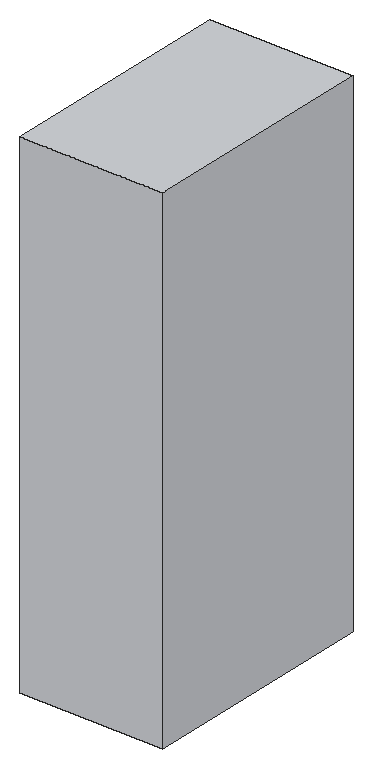
Revit family "第二期車站04_RTU機櫃_600x1000x2100", category 電氣設備, Revit 2025
Family settings
  面板規劃 = 兩欄，回路穿越
  圓形接點標註 = 使用直徑
  組件類型 = 分電盤
  OmniClass 編號 = 23.80.30.11.17
  OmniClass 標題 = Distribution Boards and Control Panels
  以工作平面為基礎 = 否
  總是垂直 = 是
  載入時使用空心切割 = 否
  維持標註方位 = 否
  共用 = 否
  房間計算點 = 否
Parameters (values of type "RTU 與網路機櫃")
  built-in parameter 1155100 [instance] = -1
  Default Elevation = 0 mm
  built-in parameter 1140142 [instance] = -1
  SCADA_高mm [instance] = "2100"
  SCADA_附錄F項次 [instance] = "22"
  SCADA_附錄D項次 [instance] = "13"
  SCADA_編號 [instance] = "P2S04-COMS-RTU-01"
  SCADA_站點 [instance] = "車站 4"
  SCADA_深mm [instance] = "1000"
  SCADA_機櫃類型 [instance] = "RTU 與網路機櫃"
  SCADA_期別 [instance] = "第二期"
  SCADA_房間 [instance] = "COMS/SCADA 設備室"
  SCADA_建物 [instance] = "車站"
  SCADA_尺寸 [instance] = "600W×1000D×2100H"
  SCADA_寬mm [instance] = "600"
  SCADA_定位來源 [instance] = "獨立設備族群（載入專案後定位）"
  SCADA_備註 [instance] = ""
  SCADA_來源文件 [instance] = "Installation SoW_V6（Rev.006, 2026-07-02）附錄 D / F；依原文顏色標示排除已刪除項目"
  SCADA_UPS電源110V [instance] = "雙 UPS 電源（2×4500VA）"
  built-in parameter 1140140 [instance] = 1 (stored number, unit not read)
Reference planes
  plane 1 "中心 (前/後)": y = 0
  plane 2: z = 0
  plane 3 "中心 (左/右)": x = 0
Forms (mm)
  Extrusion 1, solid
    sketch origin (0, 0, 0) x (1, 0, 0) y (0, 1, 0)
      loop
        line (-300, -500) -> (300, -500) -> (300, 500) -> (-300, 500) -> (-300, -500)
    from 0 to 2100
Lines and regions (mm)
  model lines, style "開門線"
    curve 1: line (300, -500, 0) -> (300, -1100, 0)
    curve 2: arc (-300, -500, 0) -> (-124.264, -924.264, 0) -> (300, -1100, 0) r 600
    curve 3: line (-300, 500, 0) -> (-300, 1100, 0)
    curve 4: arc (300, 500, 0) -> (124.264, 924.264, 0) -> (-300, 1100, 0) r 600
Dimensions and locks
  aligned and locked: level to plane 2
